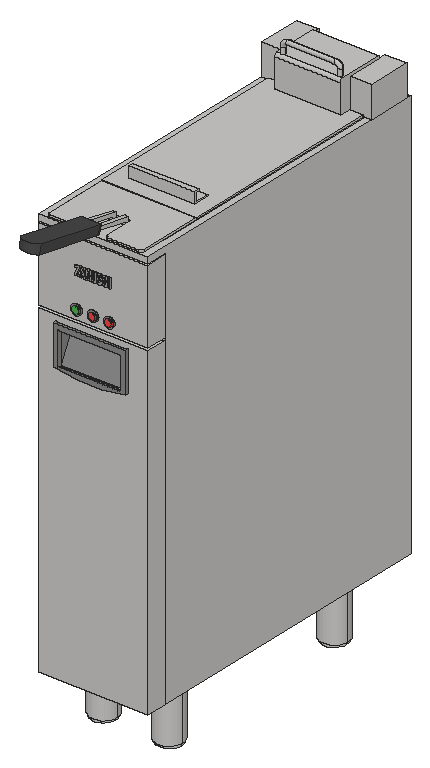
Revit family "QF_ZANUSSI_285004_ZXFREB1BWF", category Specialty Equipment, Revit 2018
Family settings
  Round Connector Dimension = Use Diameter
  Part Type = Normal
  Work Plane-Based = No
  Always vertical = Yes
  Cut with Voids When Loaded = No
  Shared = No
  Room Calculation Point = No
Parameters
  Weight = 0.00 kg
  Watts = 0 W
  Volts = 380 V
  URL Manufacturer = "http://www.zanussiprofessional.com/"
  URL = "http://www.zanussiprofessional.com/"
  Steam Supply Size = 0"
  Steam Supply Minimum Pressure = 0.00 psi
  Steam Supply Maximum Pressure = 0.00 psi
  Steam Pounds per Hour = 0
  Show Logo [instance] = yes
  Show Clearance [instance] = yes
  Refrigeration Suction Line Size = 0"
  Refrigeration Liquid Line Size = 0"
  Refrigerant Compressor Remote = yes
  Phase = 0
  Model = "ZXFREB1BWF"
  Manufacturer = "Zanussi"
  Length Actual = 200 mm  # constant formula
  Item Number = "285004"
  Hot Water Size = 0"
  Height Actual = 930 mm  # constant formula
  HP = "9.9 HP"
  Gas Size = 0"
  Gas KW = 0
  Gas Input Pressure = 0.0 Btu/h
  Direct Waste Size = 0"
  Description = "9LT EL.FRYER-1WELL+1BASKET-415V"
  Depth Actual = 600 mm  # constant formula
  Cycle = 0 Hz
  Condensate Return Size = 0"
  Compressed Air Volume = 0 GPM
  Compressed Air Size = 0"
  Compressed Air Pressure = 0.00 psi
  Cold Water Size = 0"
  Accessory = yes
Reference planes
  plane 1 "BACK": y = 0
  plane 2: z = 0
  plane 3 "LEFT": x = 0
  plane 4 "RIGHT": x = 200
  plane 5 "FRONT": y = -600
  plane 6 "TOP": z = 907
  plane 7 "Center Y": x = 100
  plane 8 "Center X": y = -300
  plane 9 "TOP A": z = 850
  plane 10: z = 100
  plane 11: y = -124
  plane 12: y = -501
  plane 13: y = -943
  plane 14: x = 160
  plane 15: x = 40
  plane 16: z = 915.999
  plane 17: z = 935
  plane 18: x = 155
  plane 19: y = -781
  plane 20: y = -755
  plane 21: y = 95
  plane 22: z = 700
  plane 23: x = 40
  plane 24: z = 935
Forms (mm)
  Extrusion 1, solid, material "QF_Finishes_Stainless Steel"
    sketch origin (0, 0, 0) x (0, 1, 0) y (0, 0, 1)
      loop
        line (0, 850) -> (-600, 850) -> (-600, 838.077) -> (-560.15, 838.077) -> (-560.15, 100) -> (0, 100) -> (0, 850)
      loop
        line (-600, 695) -> (-600, 100) -> (-561.737, 100) -> (-561.737, 695) -> (-600, 695)
      loop
        line (-561.737, 700) -> (-561.737, 835) -> (-600, 835) -> (-600, 700) -> (-561.737, 700)
    from 0 to 200
  Extrusion 2, void
    sketch origin (0, 0, 850) x (-1, 0, 0) y (0, -1, 0)
      loop
        line (-10.5, 88.124) -> (-10.5, 550.573) -> (-189.691, 550.573) -> (-189.691, 88.124) -> (-10.5, 88.124)
    from 0 to -150
  Extrusion 3, solid, material "QF_Clearances", visible <- "Show Clearance", detail levels coarse
    sketch origin (0, 0, 0) x (1, 0, 0) y (0, 1, 0)
      loop
        line (0, 0) -> (200, 0) -> (200, 95) -> (0, 95) -> (0, 0)
    from 0 to 907
  Extrusion 4, solid, material "QF_Door-Drawer Clearances", visible <- "Show Clearance", detail levels coarse
    sketch origin (0, 0, 850) x (-1, 0, 0) y (0, -1, 0)
      loop
        line (-190.5, 600) -> (-9.5, 600)
        arc (-9.5, 600) -> (-62.514, 727.986) -> (-190.5, 781) r 181
        line (-190.5, 781) -> (-190.5, 600)
    from -750 to -155
  Extrusion 5, solid, material "QF_Finishes_Stainless Steel"
    sketch origin (100, -139.304, 888.806) x (0, 1, 0) y (-1, 0, 0)
      loop
        line (49.304, 100) -> (49.304, 60) -> (129.304, 60) -> (129.304, 100) -> (49.304, 100)
      loop
        line (49.304, -100) -> (129.304, -100) -> (129.304, -60) -> (49.304, -60) -> (49.304, -100)
    from -38.806 to 18.194
  Revolve 6, solid, material "QF_Finishes_Stainless Steel"
    sketch origin (0, -501, 608.09) x (0, 0, 1) y (1, 0, 0)
      loop
        line (-608.09, 40) -> (-608.09, 17.609) -> (-603.09, 17.609) -> (-603.09, 15) -> (-508.09, 15) -> (-508.09, 40) -> (-608.09, 40)
      axis (-608.09, 40) -> (-508.09, 40)
    angle from 0 to 360
  Extrusion 7, solid, material "QF_Finishes_Stainless Steel"
    sketch origin (0, 600, 100) x (-1, 0, 0) y (0, 1, 0)
      loop
        circle (-155, -650) r 6.35
    from 0 to 8
  Revolve 8, solid, material "QF_Finishes_Stainless Steel"
    sketch origin (200, -501, 608.09) x (0, 0, 1) y (1, 0, 0)
      loop
        line (-608.09, -40) -> (-508.09, -40) -> (-508.09, -15) -> (-603.09, -15) -> (-603.09, -17.609) -> (-608.09, -17.609) -> (-608.09, -40)
      axis (-608.09, -40) -> (-508.09, -40)
    angle from 0 to 360
  Revolve 9, solid, material "QF_Finishes_Stainless Steel"
    sketch origin (0, -124, 608.09) x (0, 0, 1) y (-1, 0, 0)
      loop
        line (-608.09, -40) -> (-508.09, -40) -> (-508.09, -15) -> (-603.09, -15) -> (-603.09, -17.609) -> (-608.09, -17.609) -> (-608.09, -40)
      axis (-608.09, -40) -> (-508.09, -40)
    angle from 0 to 360
  Revolve 10, solid, material "QF_Finishes_Stainless Steel"
    sketch origin (200, -124, 608.09) x (0, 0, 1) y (-1, 0, 0)
      loop
        line (-608.09, 40) -> (-608.09, 17.609) -> (-603.09, 17.609) -> (-603.09, 15) -> (-508.09, 15) -> (-508.09, 40) -> (-608.09, 40)
      axis (-608.09, 40) -> (-508.09, 40)
    angle from 0 to 360
  Extrusion 11, void
    sketch origin (0, 0, 0) x (0, 1, 0) y (0, 0, 1)
      loop
        line (-600, 615) -> (-570, 675) -> (-600, 675) -> (-600, 615)
    from 40 to 155
  Extrusion 12, solid, material "QF_Finishes_grey"
    sketch origin (0, -600, 695) x (0, 0, -1) y (1, 0, 0)
      loop
        line (20, 40) -> (80, 40) -> (80, 155) -> (20, 155) -> (20, 40)
      loop
        line (10, 32) -> (82.581, 32)
        arc (82.581, 32) -> (90.011, 97.5) -> (82.581, 163) r 292.45
        line (82.581, 163) -> (10, 163) -> (10, 32)
    from 0 to 5
  Extrusion 13, solid, material "QF_Finishes_Red"
    sketch origin (39.327, -600, 649.266) x (0, 0, 1) y (-1, 0, 0)
      loop
        circle (68.272, -60.648) r 6.35
    from 0 to 3.175
  Extrusion 14, solid, material "QF_Finishes_grey"
    sketch origin (0, -600, 700) x (0, 0, 1) y (-1, 0, 0)
      loop
        circle (17.537, -99.975) r 6.35
      loop
        circle (17.537, -99.975) r 9.35
    from 0 to 1.394
  Extrusion 15, solid, material "QF_Finishes_Red"
    sketch origin (69.327, -600, 649.266) x (0, 0, 1) y (-1, 0, 0)
      loop
        circle (68.272, -60.648) r 6.35
    from 0 to 3.175
  Extrusion 16, solid, material "QF_Finishes_grey"
    sketch origin (30, -600, 700) x (0, 0, 1) y (-1, 0, 0)
      loop
        circle (17.537, -99.975) r 6.35
      loop
        circle (17.537, -99.975) r 9.35
    from 0 to 1.394
  Extrusion 17, solid, material "QF_Finishes_Green"
    sketch origin (9.327, -600, 649.266) x (0, 0, 1) y (-1, 0, 0)
      loop
        circle (68.272, -60.648) r 6.35
    from 0 to 3.175
  Extrusion 18, solid, material "QF_Finishes_grey"
    sketch origin (-30, -600, 700) x (0, 0, 1) y (-1, 0, 0)
      loop
        circle (17.537, -99.975) r 6.35
      loop
        circle (17.537, -99.975) r 9.35
    from 0 to 1.394
  Sweep 19, solid, material "QF_Finishes_Stainless Steel"
    path origin (-1.25, 52.5, 0) x (1, 0, 0) y (0, 0, 1)
      loop
        line (51.187, 910.561) -> (51.187, 921.65)
        arc (51.187, 921.65) -> (53.047, 926.14) -> (57.537, 928) r 6.35
        line (57.537, 928) -> (145.725, 928)
        arc (145.725, 928) -> (149.508, 926.433) -> (151.075, 922.65) r 5.35
        line (151.075, 922.65) -> (151.075, 910.561)
    profile origin (49.937, 52.5, 916.105) x (-1, 0, 0) y (0, -1, 0)
      loop
        circle (2.09, 153.254) r 3.827
  Extrusion 20, solid, material "QF_Finishes_Stainless Steel"
    sketch origin (0, 65, 0) x (0, 1, 0) y (0, 0, 1)
      loop
        line (-88.124, 910.561) -> (-170, 910.561)
        arc (-170, 910.561) -> (-173.536, 909.096) -> (-175, 905.561) r 5
        line (-175, 905.561) -> (-175, 850) -> (-88.124, 850) -> (-88.124, 910.561)
    from 40 to 160
  Extrusion 21, solid, material "QF_Finishes_Mesh"
    sketch origin (178.262, -64.779, 844.25) x (-1, 0, 0) y (0, -1, 0)
      loop
        arc (123.4, 118.481) -> (141.36, 125.92) -> (148.8, 143.881) r 25.4
        line (148.8, 143.881) -> (148.8, 376.11)
        arc (148.8, 376.11) -> (141.36, 394.071) -> (123.4, 401.51) r 25.4
        line (123.4, 401.51) -> (33.125, 401.51)
        arc (33.125, 401.51) -> (15.164, 394.071) -> (7.725, 376.11) r 25.4
        line (7.725, 376.11) -> (7.725, 143.881)
        arc (7.725, 143.881) -> (15.164, 125.92) -> (33.125, 118.481) r 25.4
        line (33.125, 118.481) -> (123.4, 118.481)
      loop
        arc (123.4, 121.656) -> (139.115, 128.165) -> (145.625, 143.881) r 22.225
        line (145.625, 143.881) -> (145.625, 376.11)
        arc (145.625, 376.11) -> (139.115, 391.826) -> (123.4, 398.335) r 22.225
        line (123.4, 398.335) -> (33.125, 398.335)
        arc (33.125, 398.335) -> (17.409, 391.826) -> (10.9, 376.11) r 22.225
        line (10.9, 376.11) -> (10.9, 143.881)
        arc (10.9, 143.881) -> (17.409, 128.165) -> (33.125, 121.656) r 22.225
        line (33.125, 121.656) -> (123.4, 121.656)
    from -109 to -5.315
  Extrusion 22, solid, material "QF_Finishes_Black"
    sketch origin (234.175, -818.725, 918.681) x (0, 0.980628, -0.195878) y (-1, 0, 0)
      loop
        arc (79.035, 152.655) -> (68.808, 134.038) -> (79.035, 115.42) r 22.059
        line (79.035, 115.42) -> (214.834, 115.42)
        arc (214.834, 115.42) -> (217.308, 116.446) -> (218.334, 118.92) r 3.5
        line (218.334, 118.92) -> (218.334, 149.146)
        arc (218.334, 149.146) -> (217.306, 151.628) -> (214.824, 152.655) r 3.509
        line (214.824, 152.655) -> (79.035, 152.655)
    from -15.884 to 0
  Extrusion 23, solid, material "QF_Finishes_Stainless Steel"
    sketch origin (0, 0, 850) x (0, -1, 0) y (1, 0, 0)
      loop
        arc (90, 18.5) -> (91.464, 14.964) -> (95, 13.5) r 5
        line (95, 13.5) -> (472, 13.5) -> (472, 186.691) -> (95, 186.691)
        arc (95, 186.691) -> (91.464, 185.227) -> (90, 181.691) r 5
        line (90, 181.691) -> (90, 165)
        arc (90, 165) -> (91.464, 161.464) -> (95, 160) r 5
        line (95, 160) -> (110, 160) -> (110, 40) -> (95, 40)
        arc (95, 40) -> (91.464, 38.536) -> (90, 35) r 5
        line (90, 35) -> (90, 18.5)
      loop
        line (473, 186.691) -> (473, 13.5) -> (592, 13.5)
        arc (592, 13.5) -> (595.536, 14.964) -> (597, 18.5) r 5
        line (597, 18.5) -> (597, 75.55)
        arc (597, 75.55) -> (595.536, 79.086) -> (592, 80.55) r 5
        line (592, 80.55) -> (543.238, 80.55)
        arc (543.238, 80.55) -> (539.703, 82.014) -> (538.238, 85.55) r 5
        line (538.238, 85.55) -> (538.238, 114.641)
        arc (538.238, 114.641) -> (539.703, 118.177) -> (543.238, 119.641) r 5
        line (543.238, 119.641) -> (592, 119.641)
        arc (592, 119.641) -> (595.536, 121.106) -> (597, 124.641) r 5
        line (597, 124.641) -> (597, 181.691)
        arc (597, 181.691) -> (595.536, 185.227) -> (592, 186.691) r 5
        line (592, 186.691) -> (473, 186.691)
    from 0 to 3
  Extrusion 24, solid, material "QF_Finishes_Stainless Steel"
    sketch origin (166.074, -30.154, 119.93) x (0, 0.984808, 0.173648) y (0, -0.173648, 0.984808)
      loop
        line (-380.327, 769.003) -> (-372.194, 815.127) -> (-436.107, 840.041) -> (-438.413, 834.124) -> (-379.351, 811.102) -> (-387.692, 763.803) -> (-308.907, 749.911) -> (-307.796, 756.214) -> (-380.327, 769.003)
    from -80.476 to -74.619
  Extrusion 25, solid, material "QF_Finishes_Stainless Steel"
    sketch origin (34.2, -30.154, 119.93) x (0, 0.984808, 0.173648) y (0, 0.173648, -0.984808)
      loop
        line (-372.194, -815.127) -> (-380.327, -769.003) -> (-307.796, -756.214) -> (-308.907, -749.911) -> (-387.692, -763.803) -> (-379.351, -811.102) -> (-438.413, -834.124) -> (-436.107, -840.041) -> (-372.194, -815.127)
    from -80.476 to -74.619
  Extrusion 26, solid, material "QF_Finishes_Stainless Steel"
    sketch origin (13.5, -88.124, 850) x (0, -1, 0) y (0, 0, 1)
      loop
        line (354.876, 3) -> (354.876, 23) -> (346.126, 23) -> (346.126, 20) -> (351.876, 20) -> (351.876, 5) -> (324.876, 5) -> (324.876, 3) -> (354.876, 3)
    from -26.5 to -146.5
Cuts and joins
  Extrusion 2, Extrusion 11 cuts Extrusion 1
  Extrusion 11 cuts Extrusion 4
Lines and regions (mm)
  symbolic lines, style "QF_Clearances", visible <- "Show Clearance", detail levels coarse
    curve 1: line (200, 95, 850) -> (0, 95, 850)
  symbolic lines
    curve 2: line (0, -600, 850) -> (0, 0, 850)
    curve 3: line (190.5, -90, 850) -> (190.5, -600, 850)
    curve 4: line (11.548, -90, 850) -> (11.548, -597, 850)
    curve 5: line (11.548, -597, 850) -> (75.55, -597, 850)
    curve 6: line (124.641, -597, 850) -> (188.452, -597, 850)
    curve 7: line (188.452, -597, 850) -> (188.452, -90, 850)
    curve 8: line (200, -90, 850) -> (160, -90, 850)
    curve 9: line (200, -600, 850) -> (0, -600, 850)
    curve 11: line (40, -23.124, 850) -> (40, -110, 850)
    curve 12: line (40, -110, 850) -> (160, -110, 850)
    curve 13: line (160, -110, 850) -> (160, -23.124, 850)
    curve 14: line (40, -23.124, 850) -> (160, -23.124, 850)
    curve 15: line (40, -88.124, 850) -> (160, -88.124, 850)
    curve 16: line (40, -90, 850) -> (0, -90, 850)
    curve 18: line (47.824, -96.927, 850) -> (151.941, -96.927, 850)
    curve 19: line (151.941, -104.585, 850) -> (47.824, -104.585, 850)
    curve 20: arc (151.941, -96.927, 850) -> (155.77, -100.756, 850) -> (151.941, -104.585, 850) r 3.829
    curve 21: arc (47.824, -96.927, 850) -> (43.995, -100.756, 850) -> (47.824, -104.585, 850) r 3.829
    curve 22: line (40, -23.124, 0) -> (40, -10, 0)
    curve 23: line (40, -10, 0) -> (0, -10, 0)
    curve 24: line (0, -10, 0) -> (0, -90, 0)
    curve 25: line (160, -23.124, 0) -> (160, -10, 0)
    curve 26: line (160, -10, 0) -> (200, -10, 0)
    curve 27: line (200, 0, 0) -> (200, -600, 0)
    curve 28: arc (119.641, -592, 0) -> (121.106, -595.536, 0) -> (124.641, -597, 0) r 5
    curve 29: line (119.641, -543.238, 0) -> (119.641, -592, 0)
    curve 30: arc (114.641, -538.238, 0) -> (118.177, -539.703, 0) -> (119.641, -543.238, 0) r 5
    curve 31: line (85.55, -538.238, 0) -> (114.641, -538.238, 0)
    curve 32: arc (80.55, -543.238, 0) -> (82.014, -539.703, 0) -> (85.55, -538.238, 0) r 5
    curve 33: line (80.55, -592, 0) -> (80.55, -543.238, 0)
    curve 34: arc (75.55, -597, 0) -> (79.086, -595.536, 0) -> (80.55, -592, 0) r 5
    curve 35: line (81.52, -608.062, 0) -> (81.52, -744.332, 0)
    curve 36: spline (85.029, -604.621, 0) -> (84.571, -604.65, 0) -> (84.121, -604.738, 0) -> (83.686, -604.883, 0) -> (83.274, -605.082, 0) -> (82.893, -605.332, 0) -> (82.547, -605.628, 0) -> (82.245, -605.967, 0) -> (81.99, -606.341, 0) -> (81.787, -606.745, 0) -> (81.639, -607.171, 0) -> (81.55, -607.613, 0) -> (81.52, -608.062, 0)
    curve 37: line (115.255, -604.621, 0) -> (85.029, -604.621, 0)
    curve 38: spline (118.755, -608.053, 0) -> (118.725, -607.605, 0) -> (118.635, -607.164, 0) -> (118.488, -606.739, 0) -> (118.286, -606.337, 0) -> (118.031, -605.963, 0) -> (117.729, -605.626, 0) -> (117.385, -605.33, 0) -> (117.005, -605.08, 0) -> (116.594, -604.882, 0) -> (116.16, -604.738, 0) -> (115.711, -604.65, 0) -> (115.255, -604.621, 0)
    curve 39: line (118.755, -744.332, 0) -> (118.755, -608.053, 0)
    curve 40: spline (118.755, -744.332, 0) -> (116.522, -747.213, 0) -> (113.832, -749.688, 0) -> (110.758, -751.689, 0) -> (107.387, -753.16, 0) -> (103.814, -754.059, 0) -> (100.137, -754.361, 0) -> (96.461, -754.059, 0) -> (92.887, -753.16, 0) -> (89.516, -751.689, 0) -> (86.443, -749.688, 0) -> (83.752, -747.213, 0) -> (81.52, -744.332, 0)
    curve 41: line (13.5, -592, 0) -> (13.5, -473, 0)
    curve 42: line (13.5, -473, 0) -> (186.691, -473, 0)
    curve 43: line (186.691, -473, 0) -> (186.691, -592, 0)
    curve 44: arc (181.691, -597, 0) -> (185.227, -595.536, 0) -> (186.691, -592, 0) r 5
    curve 45: arc (13.5, -592, 0) -> (14.964, -595.536, 0) -> (18.5, -597, 0) r 5
    curve 46: line (13.5, -472, 0) -> (186.691, -472, 0)
    curve 47: line (186.691, -472, 0) -> (186.691, -95, 0)
    curve 48: line (13.5, -95, 0) -> (13.5, -472, 0)
    curve 49: arc (40, -95, 0) -> (38.536, -91.464, 0) -> (35, -90, 0) r 5
    curve 50: arc (18.5, -90, 0) -> (14.964, -91.464, 0) -> (13.5, -95, 0) r 5
    curve 51: arc (165, -90, 0) -> (161.464, -91.464, 0) -> (160, -95, 0) r 5
    curve 52: arc (186.691, -95, 0) -> (185.227, -91.464, 0) -> (181.691, -90, 0) r 5
    curve 53: line (63.625, -600, 0) -> (63.625, -603.175, 0)
    curve 54: line (63.625, -603.175, 0) -> (76.325, -603.175, 0)
    curve 55: line (76.325, -603.175, 0) -> (76.325, -600, 0)
    curve 56: line (106.325, -603.175, 0) -> (106.325, -600, 0)
    curve 57: line (106.325, -603.175, 0) -> (93.625, -603.175, 0)
    curve 58: line (91.456, -538.238, 0) -> (91.456, -604.621, 0)
    curve 59: line (108.819, -538.238, 0) -> (108.819, -604.621, 0)
    curve 60: line (114.676, -538.238, 0) -> (114.676, -604.621, 0)
    curve 61: line (85.599, -538.238, 0) -> (85.599, -604.621, 0)
    curve 62: line (93.625, -603.175, 0) -> (93.625, -600, 0)
    curve 63: line (136.325, -603.175, 0) -> (123.625, -603.175, 0)
    curve 64: line (123.625, -603.175, 0) -> (123.625, -600, 0)
    curve 65: line (136.325, -603.175, 0) -> (136.325, -600, 0)
    curve 66: line (45, -413, 0) -> (155, -413, 0)
    curve 67: line (40, -443, 0) -> (40, -418, 0)
    curve 68: line (160, -443, 0) -> (40, -443, 0)
    curve 69: line (160, -418, 0) -> (160, -443, 0)
    curve 70: line (45, -434.25, 0) -> (155, -434.25, 0)
    curve 71: arc (40, -418, 0) -> (41.464, -414.464, 0) -> (45, -413, 0) r 5
    curve 72: arc (155, -413, 0) -> (158.536, -414.464, 0) -> (160, -418, 0) r 5
    curve 73: arc (40, -439.25, 0) -> (41.464, -435.714, 0) -> (45, -434.25, 0) r 5
    curve 74: arc (160, -439.25, 0) -> (158.536, -435.714, 0) -> (155, -434.25, 0) r 5
  symbolic lines, style "QF_Door-Drawer Clearances"
    curve 10: line (190.5, -781, 850) -> (190.5, -600, 850)
    curve 17: arc (9.5, -600, 0) -> (62.514, -727.986, 0) -> (190.5, -781, 0) r 181
Dimensions and locks
  equal spacing: plane 3 "LEFT", plane 7 "Center Y", plane 4 "RIGHT"
  plane 3 "LEFT" to plane 4 "RIGHT" = 200 mm
  equal spacing: plane 5 "FRONT", plane 8 "Center X", plane 1 "BACK"
  plane 5 "FRONT" to plane 1 "BACK" = 600 mm  (x2)
  plane 1 "BACK" to plane 5 "FRONT" = 600 mm
  plane 10 to level = 100 mm  (x2)
  plane 1 "BACK" to plane 11 = 124 mm
  plane 11 to plane 12 = 377 mm
  locked: plane 12 to cut or joined group of Extrusion 1, Extrusion 2, Extrusion 11 at 99
  locked: plane 13 to plane 5 "FRONT" at 343
  plane 4 "RIGHT" to plane 14 = 40 mm
  plane 15 to plane 3 "LEFT" = 40 mm
  plane 16 to plane 9 "TOP A" = 65.999 mm
  plane 9 "TOP A" to plane 17 = 85 mm
  plane 4 "RIGHT" to plane 3 "LEFT" = 200 mm
  plane 9 "TOP A" to plane 10 = 750 mm
  plane 6 "TOP" to level = 907 mm
  Extrusion 7 sketch curve to plane 1 "BACK" = 50 mm
  Extrusion 7 sketch curve to plane 4 "RIGHT" = 45 mm
  plane 10 to Extrusion 7 = 8 mm  (x2)
  plane 18 to plane 4 "RIGHT" = 45 mm
  plane 1 "BACK" to Extrusion 7 = 50 mm
  plane 5 "FRONT" to plane 19 = 181 mm
  plane 5 "FRONT" to plane 20 = 155 mm
  curve 1 to plane 1 "BACK" = 95 mm
  plane 9 "TOP A" to Extrusion 3 = 850 mm
  Revolve 6 sketch curve to Revolve 6 sketch curve = 25 mm
  Revolve 8 sketch curve to Revolve 8 sketch curve = 25 mm
  Revolve 9 sketch curve to Revolve 9 sketch curve = 25 mm
  Revolve 10 sketch curve to Revolve 10 sketch curve = 25 mm
  plane 1 "BACK" to plane 20 = 755 mm
  aligned and locked: level to plane 2
  aligned and locked: plane 4 "RIGHT" to Extrusion 1
  aligned and locked: plane 6 "TOP" to Extrusion 3
  aligned and locked: plane 6 "TOP" to Extrusion 5
  aligned and locked: plane 12 to Revolve 6
  aligned and locked: Extrusion 3 sketch curve to plane 21
  aligned and locked: Extrusion 3 to plane 3 "LEFT"
  aligned and locked: plane 4 "RIGHT" to Extrusion 3
  aligned and locked: Extrusion 2 to Extrusion 1
  aligned and locked: cut or joined group of Extrusion 1, Extrusion 2, Extrusion 11 to Extrusion 4
  aligned and locked: plane 15 to Revolve 6 sketch curve
  aligned and locked: Extrusion 11 sketch curve to plane 5 "FRONT"
  aligned and locked: Extrusion 5 sketch curve to Extrusion 5 sketch curve  (x2)
Automatic sketch dimensions
  Revolve 6 sketch curve to level = 0 mm
  Revolve 6 sketch curve to plane 10 = 0 mm  (x2)
  plane 15 to Revolve 6 sketch curve = 0 mm
  level to Revolve 6 sketch curve = 5 mm
  Revolve 6 sketch curve to Revolve 6 sketch curve = 2.609 mm
  plane 10 to Revolve 6 sketch curve = 20 mm
  Revolve 8 sketch curve to level = 0 mm
  Revolve 8 sketch curve to plane 10 = 0 mm  (x2)
  plane 14 to Revolve 8 sketch curve = 0 mm  (x2)
  level to Revolve 8 sketch curve = 5 mm
  Revolve 8 sketch curve to Revolve 8 sketch curve = 2.609 mm
  plane 10 to Revolve 8 sketch curve = 20 mm
  Revolve 9 sketch curve to level = 0 mm
  Revolve 9 sketch curve to plane 10 = 0 mm  (x2)
  Revolve 9 sketch curve to plane 15 = 0 mm  (x2)
  level to Revolve 9 sketch curve = 5 mm
  Revolve 9 sketch curve to Revolve 9 sketch curve = 2.609 mm
  plane 10 to Revolve 9 sketch curve = 20 mm
  Revolve 10 sketch curve to level = 0 mm
  Revolve 10 sketch curve to plane 10 = 0 mm  (x2)
  Revolve 10 sketch curve to plane 14 = 0 mm  (x2)
  level to Revolve 10 sketch curve = 5 mm
  Revolve 10 sketch curve to Revolve 10 sketch curve = 2.609 mm
  plane 10 to Revolve 10 sketch curve = 20 mm
  plane 9 "TOP A" to Sweep 19 sketch curve = 60.561 mm  (x2)
  plane 16 to Sweep 19 sketch curve = 5.651 mm
  plane 15 to Sweep 19 sketch curve = 9.937 mm
  plane 17 to Sweep 19 sketch curve = 7 mm
  plane 18 to Sweep 19 sketch curve = 10.525 mm
  plane 18 to Sweep 19 sketch curve = 5.175 mm
  Sweep 19 sketch curve to profile plane = 2.09 mm
  profile plane to Sweep 19 sketch curve = 153.254 mm
  Extrusion 22 sketch curve to plane 7 "Center Y" = 18.48 mm
  Extrusion 22 sketch curve to Extrusion 22 sketch curve = 0 mm
  plane 7 "Center Y" to Extrusion 22 sketch curve = 0.137 mm
  Extrusion 22 sketch curve to Extrusion 22 sketch curve = 11.832 mm
  Extrusion 22 sketch curve to plane 7 "Center Y" = 14.971 mm
  Extrusion 22 sketch curve to Extrusion 22 sketch curve = 123.958 mm
  Extrusion 22 sketch curve to Extrusion 22 sketch curve = 3.5 mm
  Extrusion 1 sketch curve to plane 5 "FRONT" = 0 mm  (x3)
  Extrusion 1 sketch curve to plane 22 = 0 mm
  Extrusion 1 sketch curve to plane 10 = 0 mm  (x2)
  Extrusion 1 sketch curve to plane 1 "BACK" = 0 mm
  Extrusion 1 sketch curve to plane 9 "TOP A" = 0 mm
  Extrusion 1 sketch curve to plane 9 "TOP A" = 15 mm
  Extrusion 1 sketch curve to plane 5 "FRONT" = 38.263 mm
  Extrusion 1 sketch curve to Extrusion 1 sketch curve = 0 mm
  Extrusion 1 sketch curve to Extrusion 1 sketch curve = 1.588 mm
  Extrusion 1 sketch curve to plane 22 = 5 mm
  Extrusion 1 sketch curve to Extrusion 1 sketch curve = 3.077 mm
  Extrusion 2 sketch curve to plane 4 "RIGHT" = 10.309 mm
  plane 3 "LEFT" to Extrusion 2 sketch curve = 10.5 mm
  Extrusion 2 sketch curve to plane 11 = 35.876 mm
  Extrusion 2 sketch curve to plane 5 "FRONT" = 49.427 mm
  Extrusion 3 sketch curve to plane 3 "LEFT" = 0 mm
  Extrusion 3 sketch curve to plane 4 "RIGHT" = 0 mm
  plane 1 "BACK" to Extrusion 3 sketch curve = 0 mm
  Extrusion 4 sketch curve to plane 19 = 0 mm
  plane 5 "FRONT" to Extrusion 4 sketch curve = 0 mm
  Extrusion 4 sketch curve to plane 4 "RIGHT" = 9.5 mm
  Extrusion 5 sketch curve to plane 3 "LEFT" = 0 mm
  Extrusion 5 sketch curve to plane 14 = 0 mm
  Extrusion 5 sketch curve to plane 15 = 0 mm
  Extrusion 5 sketch curve to plane 4 "RIGHT" = 0 mm
  Extrusion 5 sketch curve to plane 11 = 34 mm
  plane 1 "BACK" to Extrusion 5 sketch curve = 10 mm
  Extrusion 1 to Extrusion 11 sketch curve = 8.263 mm
  Extrusion 1 to Extrusion 11 sketch curve = 80 mm
  Extrusion 1 to Extrusion 11 sketch curve = 20 mm
  Extrusion 1 to Extrusion 12 sketch curve = 97.5 mm
  Extrusion 12 sketch curve to Extrusion 1 = 202.439 mm
  Extrusion 1 to Extrusion 12 sketch curve = 10 mm
  Extrusion 12 sketch curve to Extrusion 12 sketch curve = 10 mm
  Extrusion 12 sketch curve to Extrusion 12 sketch curve = 60 mm
  Extrusion 12 sketch curve to Extrusion 12 sketch curve = 2.581 mm  (x2)
  Extrusion 1 to Extrusion 12 sketch curve = 40 mm
  Extrusion 12 sketch curve to Extrusion 12 sketch curve = 8 mm  (x2)
  Extrusion 13 sketch curve to plane 7 "Center Y" = 0.025 mm
  plane 22 to Extrusion 13 sketch curve = 17.537 mm
  Extrusion 14 sketch curve to Extrusion 14 sketch curve = 0 mm  (x12)
  Extrusion 1 to Extrusion 14 sketch curve = 17.537 mm
  Extrusion 1 to Extrusion 14 sketch curve = 99.975 mm
  Extrusion 14 sketch curve to Extrusion 14 sketch curve = 6.35 mm
  Extrusion 14 sketch curve to Extrusion 14 sketch curve = 3 mm
  plane 22 to Extrusion 15 sketch curve = 17.537 mm
  plane 18 to Extrusion 15 sketch curve = 25.025 mm
  Extrusion 16 sketch curve to Extrusion 16 sketch curve = 0 mm  (x12)
  Extrusion 1 to Extrusion 16 sketch curve = 17.537 mm
  Extrusion 1 to Extrusion 16 sketch curve = 70.025 mm
  Extrusion 16 sketch curve to Extrusion 16 sketch curve = 6.35 mm
  Extrusion 16 sketch curve to Extrusion 16 sketch curve = 3 mm
  plane 22 to Extrusion 17 sketch curve = 17.537 mm
  plane 15 to Extrusion 17 sketch curve = 29.975 mm
  Extrusion 18 sketch curve to Extrusion 18 sketch curve = 0 mm  (x12)
  Extrusion 1 to Extrusion 18 sketch curve = 17.537 mm
  Extrusion 1 to Extrusion 18 sketch curve = 69.975 mm
  Extrusion 18 sketch curve to Extrusion 18 sketch curve = 6.35 mm
  Extrusion 18 sketch curve to Extrusion 18 sketch curve = 3 mm
  Extrusion 20 sketch curve to plane 9 "TOP A" = 0 mm
  Extrusion 20 sketch curve to plane 6 "TOP" = 1.439 mm
  Extrusion 20 sketch curve to plane 11 = 14 mm
  Extrusion 20 sketch curve to Extrusion 20 sketch curve = 5 mm
  plane 1 "BACK" to Extrusion 20 sketch curve = 23.124 mm
  Extrusion 21 sketch curve to Extrusion 21 sketch curve = 0 mm  (x8)
  plane 14 to Extrusion 21 sketch curve = 10.538 mm
  Extrusion 21 sketch curve to Extrusion 21 sketch curve = 3.175 mm
  plane 18 to Extrusion 21 sketch curve = 9.862 mm  (x2)
  plane 15 to Extrusion 21 sketch curve = 14.862 mm  (x2)
  Extrusion 21 sketch curve to plane 15 = 7.363 mm
  plane 11 to Extrusion 21 sketch curve = 59.26 mm
  Extrusion 21 sketch curve to plane 12 = 60.11 mm
  Extrusion 1 to Extrusion 23 sketch curve = 18.5 mm
  Extrusion 1 to Extrusion 23 sketch curve = 90 mm  (x2)
  Extrusion 1 to Extrusion 23 sketch curve = 18.309 mm  (x2)
  Extrusion 23 sketch curve to Extrusion 23 sketch curve = 5 mm  (x6)
  Extrusion 23 sketch curve to Extrusion 23 sketch curve = 15 mm
  Extrusion 23 sketch curve to Extrusion 1 = 128 mm
  Extrusion 23 sketch curve to Extrusion 23 sketch curve = 1 mm
  Extrusion 23 sketch curve to Extrusion 1 = 61.762 mm
  Extrusion 23 sketch curve to Extrusion 1 = 8 mm  (x4)
  Extrusion 23 sketch curve to Extrusion 1 = 3 mm  (x2)
  Extrusion 1 to Extrusion 23 sketch curve = 13.5 mm
  Extrusion 23 sketch curve to Extrusion 23 sketch curve = 16.5 mm
  Extrusion 23 sketch curve to Extrusion 23 sketch curve = 57.05 mm
  Extrusion 23 sketch curve to Extrusion 23 sketch curve = 29.091 mm
  Extrusion 23 sketch curve to Extrusion 23 sketch curve = 21.691 mm
  plane 9 "TOP A" to Extrusion 24 sketch curve = 15.252 mm
  plane 5 "FRONT" to Extrusion 24 sketch curve = 6.75 mm
  Extrusion 24 sketch curve to Extrusion 24 sketch curve = 2.306 mm
  Extrusion 24 sketch curve to Extrusion 24 sketch curve = 50.721 mm
  Extrusion 24 sketch curve to Extrusion 24 sketch curve = 7.365 mm
  Extrusion 24 sketch curve to Extrusion 24 sketch curve = 0.975 mm
  Extrusion 24 sketch curve to Extrusion 24 sketch curve = 7.158 mm
  Extrusion 24 sketch curve to Extrusion 24 sketch curve = 71.42 mm
  Extrusion 24 sketch curve to Extrusion 24 sketch curve = 1.111 mm
  Extrusion 24 sketch curve to Extrusion 24 sketch curve = 18.997 mm
  plane 9 "TOP A" to Extrusion 25 sketch curve = 15.252 mm
  plane 5 "FRONT" to Extrusion 25 sketch curve = 6.75 mm
  Extrusion 25 sketch curve to Extrusion 25 sketch curve = 2.306 mm
  Extrusion 25 sketch curve to Extrusion 25 sketch curve = 50.721 mm
  Extrusion 25 sketch curve to Extrusion 25 sketch curve = 7.365 mm
  Extrusion 25 sketch curve to Extrusion 25 sketch curve = 0.975 mm
  Extrusion 25 sketch curve to Extrusion 25 sketch curve = 7.158 mm
  Extrusion 25 sketch curve to Extrusion 25 sketch curve = 71.42 mm
  Extrusion 25 sketch curve to Extrusion 25 sketch curve = 1.111 mm
  Extrusion 25 sketch curve to Extrusion 25 sketch curve = 5.916 mm
  Extrusion 23 to Extrusion 26 sketch curve = 0 mm
  Extrusion 26 sketch curve to Extrusion 23 = 59 mm
  Extrusion 26 sketch curve to Extrusion 26 sketch curve = 21.25 mm
  Extrusion 26 sketch curve to Extrusion 23 = 2 mm
  Extrusion 26 sketch curve to Extrusion 26 sketch curve = 5.75 mm
  Extrusion 26 sketch curve to Extrusion 26 sketch curve = 3 mm  (x2)
  Extrusion 26 sketch curve to Extrusion 26 sketch curve = 15 mm
  curve 24 to plane 3 "LEFT" = 0 mm
  plane 5 "FRONT" to curve 17 = 0 mm
  curve 22 to plane 15 = 0 mm
  curve 49 to plane 15 = 0 mm
  curve 73 to plane 15 = 0 mm
  plane 5 "FRONT" to curve 53 = 0 mm
  plane 5 "FRONT" to curve 55 = 0 mm
  plane 5 "FRONT" to curve 62 = 0 mm
  plane 5 "FRONT" to curve 56 = 0 mm
  plane 5 "FRONT" to curve 64 = 0 mm
  plane 5 "FRONT" to curve 65 = 0 mm
  curve 70 to plane 18 = 0 mm
  curve 72 to plane 18 = 0 mm
  curve 69 to plane 14 = 0 mm
  curve 25 to plane 14 = 0 mm
  curve 51 to plane 14 = 0 mm
  curve 17 to plane 19 = 0 mm
  curve 26 to plane 4 "RIGHT" = 0 mm
  plane 5 "FRONT" to curve 27 = 0 mm
  plane 3 "LEFT" to curve 42 = 13.5 mm
  curve 48 to curve 41 = 0 mm
  curve 45 to curve 45 = 5 mm
  curve 50 to curve 50 = 5 mm
  curve 49 to curve 49 = 5 mm
  plane 15 to curve 71 = 5 mm
  plane 15 to curve 70 = 5 mm
  plane 5 "FRONT" to curve 54 = 3.175 mm
  plane 15 to curve 54 = 23.625 mm
  curve 53 to curve 34 = 11.925 mm
  curve 34 to curve 55 = 0.775 mm
  curve 34 to curve 33 = 5 mm
  curve 54 to curve 35 = 5.195 mm
  curve 36 to curve 37 = 3.509 mm
  curve 32 to curve 31 = 5 mm
  plane 5 "FRONT" to curve 62 = 3.175 mm
  curve 62 to plane 7 "Center Y" = 6.375 mm
  plane 7 "Center Y" to curve 57 = 6.325 mm
  plane 7 "Center Y" to curve 30 = 14.641 mm
  curve 56 to curve 37 = 8.93 mm
  curve 38 to curve 39 = 3.5 mm
  curve 30 to curve 29 = 5 mm
  plane 5 "FRONT" to curve 63 = 3.175 mm
  curve 38 to curve 63 = 4.87 mm
  curve 29 to curve 28 = 5 mm
  curve 63 to curve 63 = 12.7 mm
  curve 51 to curve 51 = 5 mm
  curve 51 to curve 52 = 16.691 mm
  curve 44 to plane 5 "FRONT" = 8 mm
  curve 44 to plane 4 "RIGHT" = 18.309 mm
  curve 47 to plane 4 "RIGHT" = 13.309 mm
  curve 44 to curve 43 = 5 mm
  curve 44 to curve 17 = 3.809 mm
  plane 20 to curve 35 = 10.668 mm
  plane 20 to curve 39 = 10.668 mm
  curve 35 to curve 54 = 4.887 mm
  curve 39 to curve 63 = 4.878 mm
  curve 38 to curve 37 = 3.432 mm
  curve 45 to plane 5 "FRONT" = 8 mm
  curve 28 to plane 5 "FRONT" = 8 mm
  curve 33 to plane 5 "FRONT" = 8 mm
  plane 12 to curve 29 = 42.238 mm
  curve 42 to plane 12 = 28 mm
  curve 41 to curve 46 = 1 mm
  curve 46 to curve 67 = 29 mm
  curve 68 to curve 74 = 3.75 mm
  curve 74 to curve 69 = 16.25 mm
  curve 49 to plane 11 = 29 mm
  curve 52 to plane 11 = 29 mm
  curve 50 to curve 49 = 0 mm
  curve 51 to curve 52 = 0 mm
  plane 1 "BACK" to curve 26 = 10 mm
  curve 40 to curve 40 = 3.442 mm
  curve 32 to curve 61 = 0.049 mm
  curve 58 to curve 57 = 2.169 mm
  curve 59 to curve 31 = 5.822 mm
  curve 60 to curve 38 = 0.579 mm
  curve 39 to curve 40 = 11.603 mm
  curve 30 to curve 60 = 0 mm
  curve 48 to curve 24 = 5 mm
  curve 25 to curve 25 = 13.124 mm
  curve 22 to curve 22 = 13.124 mm
  curve 8 to plane 4 "RIGHT" = 0 mm
  curve 9 to plane 4 "RIGHT" = 0 mm
  curve 10 to plane 19 = 0 mm
  plane 5 "FRONT" to curve 3 = 0 mm
  curve 14 to plane 14 = 0 mm
  curve 15 to plane 15 = 0 mm
  plane 5 "FRONT" to curve 9 = 0 mm
  curve 9 to curve 3 = 9.5 mm
  curve 3 to curve 7 = 2.048 mm
  plane 18 to curve 19 = 3.059 mm
  plane 15 to curve 21 = 7.824 mm
  curve 4 to plane 5 "FRONT" = 3 mm
  plane 3 "LEFT" to curve 4 = 11.548 mm
  plane 1 "BACK" to curve 14 = 23.124 mm
  curve 18 to plane 11 = 27.073 mm
  curve 21 to curve 21 = 3.829 mm
  curve 19 to curve 12 = 5.415 mm
  curve 7 to plane 5 "FRONT" = 3 mm
  plane 7 "Center Y" to curve 6 = 24.641 mm
  curve 5 to plane 7 "Center Y" = 24.45 mm
  curve 15 to curve 18 = 8.803 mm
  curve 15 to curve 16 = 1.876 mm
  curve 15 to curve 7 = 1.876 mm
  curve 16 to plane 3 "LEFT" = 0 mm
  curve 1 to plane 3 "LEFT" = 0 mm
  plane 1 "BACK" to curve 27 = 0 mm
  plane 1 "BACK" to curve 24 = 10 mm
  plane 1 "BACK" to curve 2 = 0 mm
  curve 1 to plane 4 "RIGHT" = 0 mm
  radius of Sweep 19 sketch curve = 3.827 mm
  radius of Extrusion 7 sketch curve = 6.35 mm
  radius of Extrusion 13 sketch curve = 6.35 mm
  radius of Extrusion 15 sketch curve = 6.35 mm
  radius of Extrusion 17 sketch curve = 6.35 mm
Nested families
  nested 1: "ZAN_Logo_XS_Grey" at (99.863, -600, 782.479) x (1, 0, 0) z (0, -1, 0), visible <- "Show Logo", type "ZAN_Logo_XS_Grey"
Connectors
  electrical at (155, -50, 92)
    settings: on Extrusion 7, index 1, voltage 400 V, apparent load 16050 VA, apparent load phase1 0 VA, apparent load phase2 0 VA, apparent load phase3 0 VA, power factor 1, load classification "Other", number of poles 1, system type 30, power factor state 1, is connector primary yes, connector utility no, sub classification motor no, connector description "ELECTRICAL CONNECTION"
Definition of nested family "ZAN_Logo_XS_Grey"
  Parameters
    Default Elevation = 0 mm
  Reference planes
    plane 1 "Centro (Fronte/Retro)": y = 0
    plane 2: z = 0
    plane 3 "Centro (Sinistra/Destra)": x = 0
  Forms (mm)
    Extrusion 1, solid
      sketch origin (0, 0, 0) x (1, 0, 0) y (0, 1, 0)
        loop
          line (-1219.2, 1219.2) -> (-1219.2, -1219.2) -> (1219.2, -1219.2) -> (1219.2, 1219.2) -> (-1219.2, 1219.2)
      from 0 to -304.8
    Extrusion 2, solid
      sketch origin (17.793, -46.218, 0) x (-1, 0, 0) y (0, -1, 0)
        loop
          spline (1.911, -54.793) -> (2.402, -54.973) -> (2.91, -55.105) -> (3.43, -55.191) -> (3.955, -55.229) -> (4.482, -55.219) -> (5.006, -55.161) -> (5.521, -55.054) -> (6.022, -54.898) -> (6.506, -54.693) -> (6.966, -54.438) -> (7.398, -54.133) -> (7.797, -53.778)
          spline (7.797, -53.778) -> (8.033, -53.407) -> (8.237, -53.008) -> (8.407, -52.586) -> (8.544, -52.147) -> (8.65, -51.697) -> (8.723, -51.241) -> (8.764, -50.785) -> (8.774, -50.335) -> (8.753, -49.897) -> (8.701, -49.475) -> (8.619, -49.075) -> (8.507, -48.704)
          line (8.507, -48.704) -> (6.883, -46.37) -> (5.158, -44.848) -> (3.027, -42.716)
          spline (3.027, -42.716) -> (3.002, -42.56) -> (2.979, -42.398) -> (2.962, -42.23) -> (2.952, -42.059) -> (2.951, -41.886) -> (2.963, -41.714) -> (2.99, -41.545) -> (3.034, -41.378) -> (3.098, -41.218) -> (3.184, -41.065) -> (3.295, -40.921) -> (3.433, -40.788)
          line (3.433, -40.788) -> (4.752, -40.687)
          spline (4.752, -40.687) -> (4.999, -40.855) -> (5.185, -41.053) -> (5.32, -41.275) -> (5.41, -41.518) -> (5.463, -41.775) -> (5.488, -42.044) -> (5.491, -42.319) -> (5.481, -42.596) -> (5.466, -42.87) -> (5.452, -43.137) -> (5.448, -43.392) -> (5.462, -43.63)
          line (5.462, -43.63) -> (9.014, -43.63)
          spline (9.014, -43.63) -> (9.056, -43.199) -> (9.08, -42.769) -> (9.084, -42.342) -> (9.067, -41.92) -> (9.027, -41.503) -> (8.964, -41.093) -> (8.875, -40.691) -> (8.759, -40.3) -> (8.615, -39.919) -> (8.441, -39.552) -> (8.237, -39.198) -> (7.999, -38.86)
          spline (7.999, -38.86) -> (7.708, -38.596) -> (7.394, -38.361) -> (7.059, -38.155) -> (6.707, -37.977) -> (6.338, -37.828) -> (5.957, -37.706) -> (5.565, -37.612) -> (5.165, -37.545) -> (4.76, -37.504) -> (4.351, -37.491) -> (3.942, -37.503) -> (3.534, -37.541)
          spline (3.534, -37.541) -> (3.104, -37.608) -> (2.677, -37.709) -> (2.258, -37.842) -> (1.85, -38.007) -> (1.459, -38.203) -> (1.086, -38.429) -> (0.737, -38.685) -> (0.415, -38.969) -> (0.123, -39.282) -> (-0.133, -39.622) -> (-0.35, -39.989) -> (-0.525, -40.383)
          spline (-0.525, -40.383) -> (-0.633, -40.866) -> (-0.704, -41.352) -> (-0.738, -41.837) -> (-0.736, -42.318) -> (-0.698, -42.794) -> (-0.627, -43.262) -> (-0.521, -43.719) -> (-0.382, -44.164) -> (-0.211, -44.592) -> (-0.008, -45.003) -> (0.226, -45.394) -> (0.49, -45.761)
          line (0.49, -45.761) -> (4.549, -49.414) -> (5.056, -50.023) -> (5.259, -51.647) -> (4.042, -52.256) -> (3.027, -51.546) -> (2.925, -49.414) -> (-0.424, -49.414) -> (-0.22, -52.865)
          spline (-0.22, -52.865) -> (-0.13, -53.068) -> (-0.013, -53.268) -> (0.127, -53.466) -> (0.287, -53.658) -> (0.464, -53.843) -> (0.655, -54.019) -> (0.856, -54.185) -> (1.065, -54.338) -> (1.278, -54.478) -> (1.492, -54.601) -> (1.704, -54.707) -> (1.911, -54.793)
        loop
          spline (-10.267, -52.966) -> (-9.987, -53.421) -> (-9.658, -53.822) -> (-9.284, -54.17) -> (-8.873, -54.466) -> (-8.429, -54.711) -> (-7.959, -54.907) -> (-7.467, -55.054) -> (-6.96, -55.154) -> (-6.443, -55.207) -> (-5.922, -55.214) -> (-5.402, -55.178) -> (-4.889, -55.098)
          spline (-4.889, -55.098) -> (-4.532, -55.03) -> (-4.176, -54.93) -> (-3.825, -54.799) -> (-3.483, -54.639) -> (-3.156, -54.45) -> (-2.847, -54.235) -> (-2.561, -53.994) -> (-2.303, -53.729) -> (-2.077, -53.442) -> (-1.889, -53.134) -> (-1.742, -52.805) -> (-1.641, -52.459)
          spline (-1.641, -52.459) -> (-1.485, -51.997) -> (-1.371, -51.525) -> (-1.299, -51.049) -> (-1.269, -50.572) -> (-1.282, -50.098) -> (-1.337, -49.63) -> (-1.434, -49.173) -> (-1.574, -48.73) -> (-1.756, -48.306) -> (-1.98, -47.904) -> (-2.246, -47.528) -> (-2.555, -47.182)
          line (-2.555, -47.182) -> (-6.31, -43.833) -> (-7.121, -42.615)
          spline (-7.121, -42.615) -> (-7.146, -42.461) -> (-7.169, -42.304) -> (-7.188, -42.144) -> (-7.2, -41.984) -> (-7.204, -41.823) -> (-7.198, -41.664) -> (-7.178, -41.506) -> (-7.144, -41.352) -> (-7.093, -41.202) -> (-7.023, -41.058) -> (-6.932, -40.919) -> (-6.817, -40.788)
          line (-6.817, -40.788) -> (-5.802, -40.585)
          spline (-5.802, -40.585) -> (-5.443, -40.671) -> (-5.17, -40.818) -> (-4.971, -41.02) -> (-4.836, -41.266) -> (-4.753, -41.547) -> (-4.711, -41.854) -> (-4.699, -42.178) -> (-4.705, -42.51) -> (-4.718, -42.84) -> (-4.726, -43.16) -> (-4.719, -43.46) -> (-4.686, -43.731)
          line (-4.686, -43.731) -> (-1.134, -43.63)
          spline (-1.134, -43.63) -> (-1.09, -43.193) -> (-1.063, -42.747) -> (-1.055, -42.296) -> (-1.07, -41.845) -> (-1.112, -41.396) -> (-1.185, -40.953) -> (-1.291, -40.522) -> (-1.435, -40.104) -> (-1.619, -39.705) -> (-1.848, -39.329) -> (-2.125, -38.978) -> (-2.453, -38.657)
          spline (-2.453, -38.657) -> (-2.873, -38.351) -> (-3.319, -38.09) -> (-3.785, -37.876) -> (-4.269, -37.706) -> (-4.765, -37.582) -> (-5.269, -37.503) -> (-5.778, -37.468) -> (-6.287, -37.477) -> (-6.792, -37.53) -> (-7.288, -37.626) -> (-7.771, -37.765) -> (-8.238, -37.947)
          spline (-8.238, -37.947) -> (-8.443, -38.033) -> (-8.65, -38.14) -> (-8.858, -38.264) -> (-9.065, -38.405) -> (-9.269, -38.562) -> (-9.468, -38.733) -> (-9.661, -38.917) -> (-9.846, -39.112) -> (-10.022, -39.317) -> (-10.185, -39.53) -> (-10.335, -39.751) -> (-10.47, -39.977)
          spline (-10.47, -39.977) -> (-10.65, -40.464) -> (-10.783, -40.962) -> (-10.87, -41.467) -> (-10.91, -41.976) -> (-10.904, -42.487) -> (-10.851, -42.996) -> (-10.752, -43.501) -> (-10.606, -43.998) -> (-10.413, -44.486) -> (-10.174, -44.961) -> (-9.889, -45.421) -> (-9.557, -45.863)
          line (-9.557, -45.863) -> (-5.295, -49.719) -> (-4.787, -51.038) -> (-5.193, -52.053) -> (-6.107, -52.256) -> (-7.121, -51.546) -> (-7.223, -49.516) -> (-10.673, -49.414)
          spline (-10.673, -49.414) -> (-10.656, -49.721) -> (-10.65, -50.03) -> (-10.653, -50.341) -> (-10.658, -50.651) -> (-10.662, -50.96) -> (-10.661, -51.267) -> (-10.648, -51.569) -> (-10.621, -51.865) -> (-10.573, -52.154) -> (-10.502, -52.435) -> (-10.401, -52.706) -> (-10.267, -52.966)
        loop
          line (-11.282, -37.541) -> (-14.834, -37.541) -> (-14.834, -54.894) -> (-11.282, -54.894) -> (-11.282, -37.541)
        loop
          line (15.205, -41.702) -> (15.205, -54.894) -> (18.757, -54.894) -> (18.757, -43.224) -> (18.554, -40.383)
          arc (18.554, -40.383) -> (17.093, -38.328) -> (14.698, -37.541) r 4.037
          line (14.698, -37.541) -> (13.074, -37.541) -> (12.262, -37.744)
          arc (12.262, -37.744) -> (10.306, -39.004) -> (9.522, -41.194) r 3.619
          line (9.522, -41.194) -> (9.522, -54.894) -> (13.074, -54.894) -> (13.074, -42.006) -> (13.479, -41.093) -> (14.596, -40.991) -> (15.205, -41.702)
        loop
          line (19.569, -54.894) -> (22.816, -54.894) -> (22.816, -43.833) -> (25.759, -54.894) -> (29.514, -54.894) -> (29.514, -37.541) -> (26.368, -37.541) -> (26.368, -49.008) -> (23.425, -37.541) -> (19.569, -37.541) -> (19.569, -54.894)
        loop
          line (41.184, -54.894) -> (50.013, -54.894) -> (50.013, -51.647) -> (45.345, -51.749) -> (50.419, -41.093) -> (50.419, -37.541) -> (41.184, -37.541) -> (41.184, -41.093) -> (46.511, -41.093) -> (41.184, -51.952) -> (41.184, -54.894)
        loop
          line (32.964, -54.894) -> (37.835, -54.894) -> (40.981, -37.541) -> (37.328, -37.541) -> (36.821, -40.89) -> (33.878, -40.89) -> (33.37, -37.541) -> (29.717, -37.541) -> (32.964, -54.894)
        loop
          line (36.415, -44.036) -> (34.385, -44.036) -> (35.4, -51.928) -> (36.415, -44.036)
      from 0 to 1.644
  Dimensions and locks
    aligned and locked: plane 2 to Extrusion 1
    aligned and locked: level to Extrusion 1
